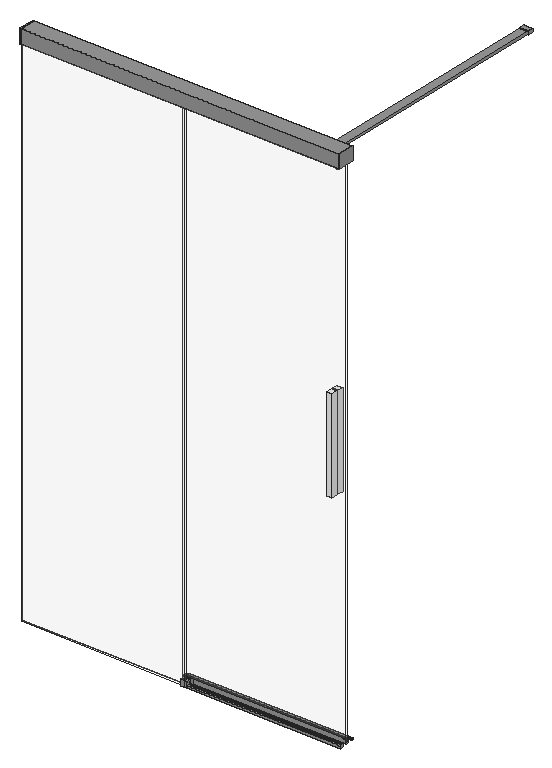
Revit family "Sanitary_Shower-screens_Duscholux_D5Custom20_Separator_Slider-door-shower", category Aparatos sanitarios, Revit 2019
Family settings
  Cota de conector redondo = Diámetro de uso
  Tipo de pieza = Normal
  Número OmniClass = 23.45.00.00
  Título OmniClass = Sanitary, Laundry, and Cleaning Equipment
  Se basa en plano de trabajo = No
  Siempre vertical = Sí
  Corte con vacíos al cargar = No
  Compartido = No
  Punto de cálculo de habitación = No
Parameters (values of type "Platinum Aluminium Finish")
  Uper profile guide = Anodized Aluminium_Duscholux Material-Platinum Finish
  URL = "http://www.duscholux.es/"
  Thickness Safety Glass Sliding = 8 mm  # constant formula
  Technical Inspection Certificate (Applus) = "http://www.duscholux.es/resources/custom/var/APPLUS_en.pdf"
  Series = "D5"
  Ref. = "UOI / UOD"
  Products = "http://www.duscholux.es/mamparas_filtro.aspx?es"
  Optional = "Towel rail / Shelf / Customizable Uper profile guide"
  Opening System Image = "https://duscholux.es/resources/custom/img/mamparas/plumas/1F1PSDC.gif"
  Opening System = "Sliding"
  Opening Percentage = 0
  Modelo = "D5 Custom20"
  Maintenance and Cleaning = "http://www.duscholux.es/mamparas_limpieza.aspx?en"
  Length Wall Bracket = 900 mm
  Image = "https://duscholux.es/resources/custom/img/mamparas/D5%20CUSTOM20/modelos/1F1PSDC/mampara_h.jpg"
  Handle Material = Zamac_Duscholux Material-Chrome Finish
  Glass in Building UNE EN 12150 = "CE Conformity marking"
  Glass Material = Glass_Material-Duscholux
  Frame Material = Anodized Aluminium_Duscholux Material-Platinum Finish
  Fact Sheet = "https://duscholux.blob.core.windows.net/pdf2022/en/Custom1F1PSD.pdf"
  Fabricante = "Duscholux Ibérica, S.A."
  Thickness Safety Glass Fixed Panel = 8 mm  # constant formula
  Environmental Management ISO 14001 = "ECOEMBES Certificate"
  Descripción = "1 fixed + 1 sliding door shower."
  Configuration enclosure = "http://configuratumampara.duscholux.es/eCatalogo.aspx"
  Components = "Eropean components"
  Combinations = ""
  Código de montaje = "C1030200"
  Certified Quality UNE EN 14428 = "http://www.duscholux.es/duscholux_downloads.aspx?es"
  Opening Door = ((Min Max Width / 2) - 80 mm) * Opening Percentage / 100  # 0 mm
  Sliding Door Width = ((Min Max Width / 2) - 3 mm + 14 mm)  # 611 mm
  Min Max Width = if(Width < 750 mm, 750 mm, if(Width > 1800 mm, 1800 mm, Width))  # 1200 mm
  Width = 1200 mm
  Handle Height = Max Height / 2  # 1000 mm
  Max Height = if(Height > 2100 mm, 2100 mm, Height)  # 2000 mm
  Height = 2000 mm
  Accesories Material = Anodized Aluminium_Duscholux Material-Platinum Finish
Types (4, lengths in mm): name | Uper profile guide | Handle Material | Frame Material | Descripción | Accesories Material
  (no name) | Anodized Aluminium_Duscholux Material-Platinum Finish | Zamac_Duscholux Material-Chrome Finish | Anodized Aluminium_Duscholux Material-Platinum Finish | "1 fixed + 1 sliding door shower." | Anodized Aluminium_Duscholux Material-Platinum Finish
  Matte Silver Aluminium Finish | Anodized Aluminium_Duscholux Material-Matte Silver Finish | Zamac_Duscholux Material-Chrome Finish | Anodized Aluminium_Duscholux Material-Matte Silver Finish | "1 fixed + 1 sliding door shower." | Anodized Aluminium_Duscholux Material-Platinum Finish
  Platinum Aluminium Finish | Anodized Aluminium_Duscholux Material-Platinum Finish | Zamac_Duscholux Material-Chrome Finish | Anodized Aluminium_Duscholux Material-Platinum Finish | "1 fixed + 1 sliding door shower." | Anodized Aluminium_Duscholux Material-Platinum Finish
  Black Aluminium Finish | Anodized Aluminium_Duscholux Material-Black Finish | Anodized Aluminium_Duscholux Material-Black Finish | Anodized Aluminium_Duscholux Material-Black Finish | "1 fixed + 1 sliding door shower" | Anodized Aluminium_Duscholux Material-Black Finish
Reference planes
  plane 1 "Centro (Frontal/Posterior)": y = 0
  plane 2: z = 0
  plane 3 "Centro (Izquierda/Derecha)": x = -5.5
  plane 4: x = 605.5
  plane 5: z = 2000
  plane 6: x = 1191.5
  plane 7: x = -8.5
  plane 8: x = 18
  plane 9: z = 1000
  plane 10: x = 1188.5
  plane 11: x = 591.5
  plane 12: x = 577.25
  plane 13: y = 26.104
  plane 14: x = 1183.5
  plane 15: z = 0
  plane 16: x = 614.5
  plane 17: z = 1948
  plane 18: z = 1953.154
  plane 19: x = 1128.5
Forms (mm)
  Extrusion 1, solid, material "Glass_Material-Duscholux" <- "Glass Material"
    sketch origin (500, 0, 0) x (1, 0, 0) y (0, 1, 0)
      loop
        line (-508.5, 4) -> (-508.5, -4) -> (105.5, -4) -> (105.5, 4) -> (-508.5, 4)
    from 1.937 to 1953.154
  Extrusion 2, solid, material "Glass_Material-Duscholux" <- "Glass Material"
    sketch origin (-936.72, -5.278, 0) x (1, 0, 0) y (0, 1, 0)
      loop
        line (1514.22, 35.382) -> (1514.22, 27.382) -> (2125.22, 27.382) -> (2125.22, 35.382) -> (1514.22, 35.382)
    from 3.247 to 1948
  Extrusion 3, solid, material "Anodized Aluminium_Duscholux Material-Platinum Finish" <- "Accesories Material", detail levels fine
    sketch origin (-5.5, -2.57, 0) x (0, 1, 0) y (0, 0, 1)
      loop
        line (-2.433, 7.579) -> (-2.433, 0) -> (7.636, 0) -> (7.636, 7.574)
        arc (7.636, 7.574) -> (6.912, 9.32) -> (5.166, 10.043) r 2.47
        line (5.166, 10.043) -> (0.032, 10.043)
        arc (0.032, 10.043) -> (-1.711, 9.321) -> (-2.433, 7.579) r 2.465
    from 620 to 1197
  Extrusion 4, solid, material "Anodized Aluminium_Duscholux Material-Platinum Finish" <- "Uper profile guide"
    sketch origin (-5.5, 0, 0) x (0, 1, 0) y (0, 0, 1)
      loop
        line (-9.997, 1999) -> (-9.997, 1949.124) -> (-7.5, 1949.124) -> (-7.5, 1999) -> (-9.997, 1999)
    from 0 to 1194
  Extrusion 5, solid, material "Anodized Aluminium_Duscholux Material-Platinum Finish" <- "Frame Material"
    sketch origin (-5.5, 0, 0) x (0, 1, 0) y (0, 0, 1)
      loop
        line (-9.993, 2000) -> (-9.993, 1999) -> (-7.5, 1999) -> (-7.5, 1949.124) -> (-9.993, 1949.124) -> (-9.993, 1948) -> (-5.497, 1948) -> (-5.497, 1953.154) -> (5.503, 1953.154) -> (5.503, 1948) -> (21.382, 1948) -> (21.382, 1951.5) -> (7.803, 1951.5) -> (7.803, 1989.372) -> (42.403, 1989.372) -> (42.403, 1951.5) -> (33.536, 1951.5) -> (30.913, 1951.5) -> (30.913, 1948) -> (51.003, 1948) -> (51.003, 2000) -> (-9.993, 2000)
    from 0 to 1194
  Extrusion 6, solid, material "Anodized Aluminium_Duscholux Material-Platinum Finish" <- "Accesories Material"
    sketch origin (-5.5, 0, 0) x (0, 1, 0) y (0, 0, 1)
      loop
        line (51.003, 2000) -> (-9.993, 2000) -> (-9.993, 1948) -> (51.003, 1948) -> (51.003, 2000)
    from 1194 to 1197
  Extrusion 7, solid, material "Anodized Aluminium_Duscholux Material-Platinum Finish" <- "Accesories Material"
    sketch origin (-5.5, 0, 0) x (0, 1, 0) y (0, 0, 1)
      loop
        line (51.003, 2000) -> (-9.993, 2000) -> (-9.993, 1948) -> (-5.497, 1948) -> (-5.497, 1953.154) -> (5.503, 1953.154) -> (5.503, 1948) -> (51.003, 1948) -> (51.003, 2000)
    from -3 to 0
  Extrusion 8, solid, material "Anodized Aluminium_Duscholux Material-Platinum Finish" <- "Accesories Material"
    sketch origin (0, 0, 0) x (1, 0, 0) y (0, 1, 0)
      loop
        line (591.5, 6.547) -> (591.5, 4.098) -> (605.5, 4.098) -> (605.5, -4.002) -> (591.5, -4.002) -> (591.5, -6.452)
        arc (591.5, -6.452) -> (591.646, -6.806) -> (592, -6.952) r 0.5
        line (592, -6.952) -> (614, -6.952)
        arc (614, -6.952) -> (614.353, -6.806) -> (614.5, -6.452) r 0.5
        line (614.5, -6.452) -> (614.5, 6.548)
        arc (614.5, 6.548) -> (614.354, 6.901) -> (614, 7.047) r 0.5
        line (614, 7.047) -> (592, 7.047)
        arc (592, 7.047) -> (591.646, 6.901) -> (591.5, 6.547) r 0.5
    from 0 to 23
  Extrusion 9, solid, material "Anodized Aluminium_Duscholux Material-Platinum Finish" <- "Accesories Material"
    sketch origin (50, 0, 0) x (1, 0, 0) y (0, 1, 0)
      loop
        line (542.5, 8.348) -> (542.5, 7.047) -> (563.5, 7.047) -> (563.5, 8.348) -> (542.5, 8.348)
    from 0 to 18.641
  Extrusion 10, solid, material "Anodized Aluminium_Duscholux Material-Platinum Finish" <- "Accesories Material"
    sketch origin (-5.5, -1.517, 0) x (0, 1, 0) y (0, 0, 1)
      loop
        line (18.142, 0) -> (32.674, 0) -> (32.674, 1.937) -> (22.658, 1.937) -> (22.048, 3.247) -> (22.048, 17.613)
        arc (22.048, 17.613) -> (21.323, 18.338) -> (20.598, 17.613) r 0.725
        line (20.598, 17.613) -> (20.598, 2.081)
        arc (20.598, 2.081) -> (19.751, 0.59) -> (18.142, 0) r 2.49
    from 598 to 619
  Extrusion 11, solid, material "Anodized Aluminium_Duscholux Material-Platinum Finish" <- "Accesories Material"
    sketch origin (-5.5, 0, 0) x (0, 1, 0) y (0, 0, 1)
      loop
        line (16.624, 21.54) -> (8.348, 21.54) -> (8.348, 0) -> (16.624, 0)
        arc (16.624, 0) -> (18.234, 0.59) -> (19.08, 2.081) r 2.49
        line (19.08, 2.081) -> (19.08, 18.641)
        arc (19.08, 18.641) -> (18.524, 20.66) -> (16.624, 21.54) r 2.49
    from 597 to 620
  Extrusion 12, solid, material "Plástico, transparente", detail levels fine
    sketch origin (-5.5, 0, 0) x (0, 1, 0) y (0, 0, 1)
      loop
        line (53.604, 7.939) -> (30.613, 19.957)
        arc (30.613, 19.957) -> (30.035, 19.897) -> (29.865, 19.34) r 0.526
        line (29.865, 19.34) -> (30.104, 18.42) -> (30.104, 3.247) -> (22.104, 3.247) -> (22.104, 19.859) -> (21.222, 19.757) -> (21.222, 1.937) -> (31.156, 1.937) -> (31.156, 15.691)
        arc (31.156, 15.691) -> (31.449, 16.325) -> (32.121, 16.515) r 0.834
        line (32.121, 16.515) -> (52.104, 6.92) -> (52.104, 1.207)
        arc (52.104, 1.207) -> (52.809, 0.774) -> (53.604, 1.006) r 1.02
        line (53.604, 1.006) -> (53.604, 7.939)
    from 583 to 1194
Cuts and joins
  joined: Extrusion 8, Extrusion 9
Lines and regions (mm)
  reference lines
    curve 1: line (-5.5, -2.4, 0) -> (-5.5, -2.4, 10)
Dimensions and locks
  "Width": plane 7 to plane 6
  locked: plane 7 to plane 3 "Centro (Izquierda/Derecha)" at 3
  "Handle Height": plane 9 to level
  level to Extrusion 3 = 10.043 mm
  locked: plane 10 to plane 6 at 3
  equal spacing: plane 7, plane 11, plane 6
  locked: plane 11 to plane 4 at 14
  locked: plane 12 to plane 11 at 14.25
  "Max Height": plane 5 to plane 2
  locked: plane 14 to plane 10 at 5
  locked: nested 2 to Extrusion 2 at 45
  locked: Extrusion 8 to Extrusion 2 at 19.753
  locked: plane 11 to plane 16 at 23
  locked: cut or joined group of Extrusion 8, Extrusion 9 to plane 16 at 1
  locked: plane 11 to Extrusion 10 at 1
  "Sliding Door Width": Extrusion 2 to Extrusion 2
  "Opening Door": Extrusion 2 to plane 10
  locked: plane 5 to plane 17 at 52
  locked: plane 5 to plane 18 at 46.846
  locked: plane 19 to plane 10 at 60
  aligned and locked: level to plane 2
  aligned and locked: Extrusion 4 to plane 3 "Centro (Izquierda/Derecha)"
  aligned and locked: plane 10 to Extrusion 4
  aligned and locked: plane 10 to Extrusion 5
  aligned and locked: Extrusion 4 to Extrusion 5
  aligned and locked: plane 6 to Extrusion 6
  aligned and locked: Extrusion 6 to plane 10
  aligned and locked: plane 9 to nested 2
  aligned and locked: plane 9 to nested 1
  aligned and locked: Extrusion 7 to plane 7
  aligned and locked: plane 3 "Centro (Izquierda/Derecha)" to Extrusion 7
  aligned and locked: Extrusion 10 to cut or joined group of Extrusion 8, Extrusion 9  (x2)
  aligned and locked: cut or joined group of Extrusion 8, Extrusion 9 to Extrusion 10
  aligned and locked: Extrusion 3 to plane 16
  aligned and locked: Extrusion 3 to Extrusion 11
  aligned and locked: Extrusion 11 to plane 11
  aligned and locked: Extrusion 5 to plane 17
  aligned and locked: plane 18 to Extrusion 1
  aligned and locked: plane 17 to Extrusion 2
  aligned and locked: plane 6 to Extrusion 3
  aligned and locked: Extrusion 2 to Extrusion 12
  aligned and locked: Extrusion 12 to Extrusion 2
  aligned and locked: plane 19 to nested 3
Automatic sketch dimensions
  Extrusion 1 sketch curve to plane 7 = 0 mm
  Extrusion 1 sketch curve to plane 4 = 0 mm
  plane 1 "Centro (Frontal/Posterior)" to Extrusion 1 sketch curve = 4 mm
  Extrusion 1 sketch curve to plane 1 "Centro (Frontal/Posterior)" = 4 mm
  Extrusion 2 sketch curve to plane 13 = 4 mm
  plane 12 to Extrusion 2 sketch curve = 0.25 mm
  plane 14 to Extrusion 2 sketch curve = 5 mm
  plane 13 to Extrusion 2 sketch curve = 4 mm
  curve 1 to level = 0 mm
  plane 1 "Centro (Frontal/Posterior)" to curve 1 = 2.4 mm
  curve 1 to curve 1 = 10 mm
  Extrusion 3 sketch curve to level = 0 mm
  plane 1 "Centro (Frontal/Posterior)" to Extrusion 3 sketch curve = 5.003 mm
  Extrusion 3 sketch curve to Extrusion 3 sketch curve = 2.465 mm
  Extrusion 3 sketch curve to plane 1 "Centro (Frontal/Posterior)" = 2.596 mm
  Extrusion 3 sketch curve to plane 1 "Centro (Frontal/Posterior)" = 5.066 mm
  Extrusion 3 sketch curve to Extrusion 3 sketch curve = 7.574 mm
  plane 17 to Extrusion 4 sketch curve = 1.124 mm
  plane 1 "Centro (Frontal/Posterior)" to Extrusion 4 sketch curve = 9.997 mm
  Extrusion 4 sketch curve to Extrusion 4 sketch curve = 2.497 mm
  Extrusion 4 sketch curve to plane 5 = 1 mm
  Extrusion 5 sketch curve to plane 5 = 0 mm
  Extrusion 5 sketch curve to plane 17 = 0 mm  (x3)
  Extrusion 5 sketch curve to plane 18 = 0 mm
  plane 1 "Centro (Frontal/Posterior)" to Extrusion 5 sketch curve = 9.993 mm  (x2)
  plane 17 to Extrusion 5 sketch curve = 1.124 mm
  Extrusion 5 sketch curve to plane 5 = 1 mm
  Extrusion 5 sketch curve to Extrusion 5 sketch curve = 2.493 mm
  Extrusion 5 sketch curve to Extrusion 5 sketch curve = 2.003 mm
  Extrusion 5 sketch curve to plane 1 "Centro (Frontal/Posterior)" = 5.503 mm
  Extrusion 5 sketch curve to plane 1 "Centro (Frontal/Posterior)" = 7.803 mm
  Extrusion 5 sketch curve to plane 13 = 4.721 mm
  Extrusion 5 sketch curve to plane 18 = 1.654 mm  (x2)
  plane 13 to Extrusion 5 sketch curve = 4.809 mm
  Extrusion 5 sketch curve to Extrusion 5 sketch curve = 2.623 mm
  plane 13 to Extrusion 5 sketch curve = 16.3 mm
  Extrusion 5 sketch curve to Extrusion 5 sketch curve = 8.6 mm
  Extrusion 5 sketch curve to plane 5 = 10.628 mm
  Extrusion 6 sketch curve to plane 5 = 0 mm
  Extrusion 6 sketch curve to plane 17 = 0 mm
  plane 1 "Centro (Frontal/Posterior)" to Extrusion 6 sketch curve = 9.993 mm
  plane 13 to Extrusion 6 sketch curve = 24.9 mm
  Extrusion 7 sketch curve to plane 5 = 0 mm
  Extrusion 7 sketch curve to plane 17 = 0 mm  (x2)
  Extrusion 7 sketch curve to plane 18 = 0 mm
  plane 1 "Centro (Frontal/Posterior)" to Extrusion 7 sketch curve = 9.993 mm
  plane 1 "Centro (Frontal/Posterior)" to Extrusion 7 sketch curve = 5.497 mm
  Extrusion 7 sketch curve to plane 1 "Centro (Frontal/Posterior)" = 5.503 mm
  plane 13 to Extrusion 7 sketch curve = 24.9 mm
  Extrusion 8 sketch curve to plane 4 = 0 mm
  Extrusion 8 sketch curve to plane 16 = 0 mm
  plane 11 to Extrusion 8 sketch curve = 0.5 mm  (x2)
  plane 11 to Extrusion 8 sketch curve = 0 mm
  Extrusion 8 sketch curve to plane 11 = 0 mm
  Extrusion 8 sketch curve to plane 16 = 0.5 mm  (x2)
  plane 1 "Centro (Frontal/Posterior)" to Extrusion 8 sketch curve = 6.952 mm
  Extrusion 8 sketch curve to Extrusion 8 sketch curve = 2.45 mm
  Extrusion 8 sketch curve to plane 1 "Centro (Frontal/Posterior)" = 4.098 mm
  Extrusion 8 sketch curve to Extrusion 8 sketch curve = 2.449 mm
  plane 11 to Extrusion 9 sketch curve = 1 mm
  Extrusion 9 sketch curve to plane 16 = 1 mm
  Extrusion 9 sketch curve to plane 1 "Centro (Frontal/Posterior)" = 7.047 mm
  Extrusion 9 sketch curve to Extrusion 9 sketch curve = 1.3 mm
  Extrusion 10 sketch curve to level = 0 mm
  Extrusion 10 sketch curve to plane 13 = 9.479 mm
  Extrusion 10 sketch curve to plane 13 = 7.023 mm
  Extrusion 10 sketch curve to Extrusion 10 sketch curve = 0.725 mm
  level to Extrusion 10 sketch curve = 1.937 mm
  Extrusion 10 sketch curve to Extrusion 10 sketch curve = 0.611 mm
  plane 13 to Extrusion 10 sketch curve = 5.053 mm
  Extrusion 10 sketch curve to Extrusion 10 sketch curve = 0.143 mm
  Extrusion 10 sketch curve to Extrusion 10 sketch curve = 1.31 mm
  Extrusion 10 sketch curve to Extrusion 10 sketch curve = 14.366 mm
  Extrusion 11 sketch curve to level = 0 mm
  Extrusion 11 sketch curve to plane 1 "Centro (Frontal/Posterior)" = 8.348 mm
  Extrusion 11 sketch curve to Extrusion 11 sketch curve = 8.277 mm  (x2)
  level to Extrusion 11 sketch curve = 2.081 mm
  Extrusion 11 sketch curve to Extrusion 11 sketch curve = 2.456 mm
  Extrusion 11 sketch curve to Extrusion 11 sketch curve = 16.152 mm
  Extrusion 11 sketch curve to Extrusion 11 sketch curve = 0.409 mm
  level to Extrusion 12 sketch curve = 6.92 mm
  plane 13 to Extrusion 12 sketch curve = 26 mm
  plane 13 to Extrusion 12 sketch curve = 6.017 mm
  Extrusion 12 sketch curve to Extrusion 12 sketch curve = 1.508 mm
  level to Extrusion 12 sketch curve = 7.939 mm
  Extrusion 12 sketch curve to Extrusion 12 sketch curve = 1.5 mm
  level to Extrusion 12 sketch curve = 1.207 mm
  level to Extrusion 12 sketch curve = 16.515 mm
  Extrusion 12 sketch curve to Extrusion 12 sketch curve = 3.442 mm
  level to Extrusion 12 sketch curve = 1.006 mm
  Extrusion 12 sketch curve to Extrusion 12 sketch curve = 0.841 mm
  plane 13 to Extrusion 12 sketch curve = 4 mm
  level to Extrusion 12 sketch curve = 3.247 mm
  Extrusion 12 sketch curve to plane 13 = 4 mm
  Extrusion 12 sketch curve to Extrusion 12 sketch curve = 1.053 mm
  Extrusion 12 sketch curve to Extrusion 12 sketch curve = 1.31 mm
  Extrusion 12 sketch curve to Extrusion 12 sketch curve = 0.824 mm
  Extrusion 12 sketch curve to Extrusion 12 sketch curve = 1.536 mm
  Extrusion 12 sketch curve to Extrusion 12 sketch curve = 0.882 mm
  Extrusion 12 sketch curve to Extrusion 12 sketch curve = 1.336 mm
  Extrusion 12 sketch curve to Extrusion 12 sketch curve = 0.103 mm
  Extrusion 12 sketch curve to Extrusion 12 sketch curve = 0.244 mm
  Extrusion 12 sketch curve to Extrusion 12 sketch curve = 0.466 mm
  Extrusion 12 sketch curve to Extrusion 12 sketch curve = 0.504 mm
Nested families
  nested 1: "Handle-ext-D5" at (1143.5, 22.104, 1000) x (-1, 0, 0) z (0, -1, 0), type "Handle-ext-D5", detail levels medium+fine
  nested 2: "Handle-int-D5" at (1143.5, 30.104, 1000) x (1, 0, 0) z (0, 1, 0), type "Handle-int-D5", detail levels medium+fine
  nested 3: "Wall_Support" at (1128.5, 51.003, 1976.5) x (0, 0, -1) z (0, 1, 0), type "Wall_Support", detail levels medium+fine
Definition of nested family "Handle-ext-D5"
  Parameters (values of type "Handle-ext-D5")
    Long. tirador = 350 mm
    Handle Material = none
    Espesor = 19 mm
    Default Elevation = 1219.2 mm
  Reference planes
    plane 1 "Centro (Frontal/Posterior)": y = 0
    plane 2: z = 0
    plane 3 "Centro (Izquierda/Derecha)": x = 0
    plane 4: y = 175
    plane 5: y = -175
    plane 6: x = -9.5
    plane 7: x = 9.5
    plane 8: z = 0
    plane 9: z = 21
  Forms (mm)
    Extrusion 1, solid
      sketch origin (0, 0, 0) x (1, 0, 0) y (0, 1, 0)
        loop
          line (-1219.2, 1219.2) -> (-1219.2, -1219.2) -> (1219.2, -1219.2) -> (1219.2, 1219.2) -> (-1219.2, 1219.2)
      from 0 to -304.8
    Extrusion 2, solid, material <- "Handle Material"
      sketch origin (0, 0, 0) x (1, 0, 0) y (0, 0, 1)
        loop
          line (-9.5, 21) -> (-9.5, 0) -> (9.5, 0) -> (9.5, 21) -> (-9.5, 21)
      from -175 to 175
  Dimensions and locks
    equal spacing: plane 4, plane 1 "Centro (Frontal/Posterior)", plane 5
    equal spacing: plane 6, plane 3 "Centro (Izquierda/Derecha)", plane 7
    "Espesor": plane 6 to plane 7
    "Long. tirador": plane 4 to plane 5
    locked: plane 9 to Extrusion 1 at 21
    aligned and locked: plane 2 to Extrusion 1
    aligned and locked: level to Extrusion 1
    aligned and locked: plane 9 to Extrusion 2
    aligned and locked: plane 7 to Extrusion 2
    aligned and locked: Extrusion 2 to plane 6
    aligned and locked: Extrusion 2 to Extrusion 1
    aligned and locked: plane 4 to Extrusion 2
    aligned and locked: Extrusion 2 to plane 5
  Automatic sketch dimensions
    Extrusion 1 sketch curve to Extrusion 1 sketch curve = 2438.4 mm  (x2)
    Extrusion 2 sketch curve to plane 6 = 0 mm
    Extrusion 2 sketch curve to level = 0 mm
    Extrusion 2 sketch curve to plane 7 = 0 mm
    Extrusion 2 sketch curve to plane 9 = 0 mm
Definition of nested family "Handle-int-D5"
  Parameters (values of type "Handle-int-D5")
    Long. tirador = 350 mm
    Handle Material = none
    Espesor = 19 mm
    Default Elevation = 1219.2 mm
  Reference planes
    plane 1 "Centro (Frontal/Posterior)": y = 0
    plane 2: z = 0
    plane 3 "Centro (Izquierda/Derecha)": x = 0
    plane 4: y = 175
    plane 5: y = -175
    plane 6: x = -9.5
    plane 7: x = 9.5
    plane 8: z = 0
    plane 9: z = 19
  Forms (mm)
    Extrusion 1, solid
      sketch origin (0, 0, 0) x (1, 0, 0) y (0, 1, 0)
        loop
          line (-1219.2, 1219.2) -> (-1219.2, -1219.2) -> (1219.2, -1219.2) -> (1219.2, 1219.2) -> (-1219.2, 1219.2)
      from 0 to -304.8
    Extrusion 2, solid, material <- "Handle Material"
      sketch origin (0, 0, 0) x (1, 0, 0) y (0, 0, 1)
        loop
          line (-9.5, 19) -> (-9.5, 0) -> (9.5, 0) -> (9.5, 19) -> (-9.5, 19)
      from -175 to 175
  Dimensions and locks
    equal spacing: plane 4, plane 1 "Centro (Frontal/Posterior)", plane 5
    equal spacing: plane 6, plane 3 "Centro (Izquierda/Derecha)", plane 7
    "Espesor": plane 6 to plane 7
    "Long. tirador": plane 4 to plane 5
    locked: plane 9 to Extrusion 1 at 19
    aligned and locked: plane 2 to Extrusion 1
    aligned and locked: level to Extrusion 1
    aligned and locked: plane 9 to Extrusion 2
    aligned and locked: plane 7 to Extrusion 2
    aligned and locked: Extrusion 2 to plane 6
    aligned and locked: Extrusion 2 to Extrusion 1
    aligned and locked: plane 4 to Extrusion 2
    aligned and locked: Extrusion 2 to plane 5
  Automatic sketch dimensions
    Extrusion 1 sketch curve to Extrusion 1 sketch curve = 2438.4 mm  (x2)
    Extrusion 2 sketch curve to plane 6 = 0 mm
    Extrusion 2 sketch curve to level = 0 mm
    Extrusion 2 sketch curve to plane 7 = 0 mm
    Extrusion 2 sketch curve to plane 9 = 0 mm
Definition of nested family "Wall_Support"
  Parameters (values of type "Wall_Support")
    Length Wall Bracket = 900 mm
    Frame Material = none
    Default Elevation = 1219.2 mm
  Reference planes
    plane 1 "Centro (Frontal/Posterior)": y = 0
    plane 2: z = 0
    plane 3 "Centro (Izquierda/Derecha)": x = 0
    plane 4: x = 4.47
    plane 5: x = -4.53
    plane 6: y = 15
    plane 7: y = -15.085
    plane 8: y = -16.585
    plane 9: x = 5.97
    plane 10: x = -6.03
    plane 11: z = 900
  Forms (mm)
    Extrusion 1, solid
      sketch origin (0, 0, 0) x (1, 0, 0) y (0, 1, 0)
        loop
          line (-1219.2, 1219.2) -> (-1219.2, -1219.2) -> (1219.2, -1219.2) -> (1219.2, 1219.2) -> (-1219.2, 1219.2)
      from 0 to -304.8
    Extrusion 2, solid, material <- "Frame Material"
      sketch origin (-9.628, -1.318, 0) x (1, 0, 0) y (0, 1, 0)
        loop
          line (5.097, 16.318) -> (5.097, -13.767) -> (14.097, -13.767) -> (14.097, 16.318) -> (5.097, 16.318)
      from 0 to 900
    Extrusion 3, solid, material <- "Frame Material"
      sketch origin (-2.097, -1.318, 0) x (1, 0, 0) y (0, 1, 0)
        loop
          line (-3.933, 17.826) -> (-3.933, -15.267) -> (8.067, -15.267) -> (8.067, 17.826) -> (-3.933, 17.826)
      from 0 to 20
    Extrusion 4, solid, material <- "Frame Material"
      sketch origin (-2.097, -1.318, 780) x (1, 0, 0) y (0, 1, 0)
        loop
          line (-3.933, 17.826) -> (-3.933, -15.267) -> (8.067, -15.267) -> (8.067, 17.826) -> (-3.933, 17.826)
      from 100 to 120
  Dimensions and locks
    locked: Extrusion 3 to Extrusion 1 at 20
    locked: Extrusion 4 to Extrusion 4 at 20
    "Length Wall Bracket": plane 11 to level
    aligned and locked: plane 2 to Extrusion 1
    aligned and locked: level to Extrusion 1
    aligned and locked: plane 4 to Extrusion 2
    aligned and locked: Extrusion 2 to plane 5  (x2)
    aligned and locked: plane 6 to Extrusion 2
    aligned and locked: Extrusion 2 to plane 7
    aligned and locked: Extrusion 4 to plane 8
    aligned and locked: Extrusion 3 to plane 8
    aligned and locked: plane 9 to Extrusion 4
    aligned and locked: plane 9 to Extrusion 3
    aligned and locked: Extrusion 4 to plane 10
    aligned and locked: Extrusion 3 to Extrusion 4
    aligned and locked: plane 11 to Extrusion 4
    aligned and locked: plane 11 to Extrusion 2
  Automatic sketch dimensions
    Extrusion 1 sketch curve to Extrusion 1 sketch curve = 2438.4 mm  (x2)
    Extrusion 2 sketch curve to plane 5 = 0 mm
    Extrusion 2 sketch curve to plane 4 = 0 mm
    Extrusion 2 sketch curve to plane 7 = 0 mm
    Extrusion 2 sketch curve to plane 6 = 0 mm
    Extrusion 3 sketch curve to plane 8 = 0 mm
    Extrusion 3 sketch curve to plane 10 = 0 mm
    Extrusion 3 sketch curve to plane 9 = 0 mm
    plane 6 to Extrusion 3 sketch curve = 1.508 mm
    Extrusion 4 sketch curve to plane 8 = 0 mm
    Extrusion 4 sketch curve to plane 10 = 0 mm
    Extrusion 4 sketch curve to plane 9 = 0 mm
    plane 6 to Extrusion 4 sketch curve = 1.508 mm
